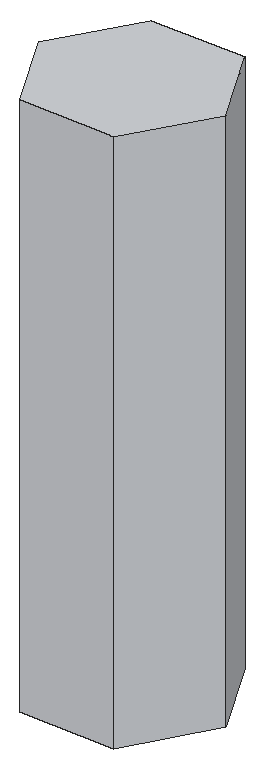
Revit family "$Player_Cat", category Generic Models, Revit 2020
Family settings
  Can host rebar = No
  Round Connector Dimension = Use Diameter
  Part Type = Normal
  Work Plane-Based = No
  Always vertical = Yes
  Cut with Voids When Loaded = No
  Shared = No
  Room Calculation Point = No
Parameters (values of type "SD")
  yes = 2 > 1  # yes
  show_standard [instance] = not(show_overweight)  # yes
  show_overweight [instance] = _property_is_overweight  # no
  no = not(yes)  # no
  mat. = none
  _property_positionID = 24
  _property_name = "Peter"
  _property_luck = 50
  _property_is_overweight = no
  _property_hold_status = ""
  _property_hold_amount = 0
  _asset_tools = ""
  _asset_skills = ""
  _asset_money = 4400
  _asset_direction = 1
  Default Elevation = 0 mm
Reference planes
  plane 1 "Center (Front/Back)": y = 0
  plane 2: z = 0
  plane 3 "Center (Left/Right)": x = 0
Forms (mm)
  Extrusion 1, solid, material <- "mat.", visible <- "show_standard"
    sketch origin (0, 0, 0) x (1, 0, 0) y (0, 1, 0)
      loop
        line (300, 0) -> (150, 259.808) -> (-150, 259.808) -> (-300, 0) -> (-150, -259.808) -> (150, -259.808) -> (300, 0)
    from 0 to 1750
  Extrusion 2, solid, material <- "mat.", visible <- "show_overweight"
    sketch origin (0, 0, 0) x (1, 0, 0) y (0, 1, 0)
      loop
        line (500, 0) -> (250, 433.013) -> (-250, 433.013) -> (-500, 0) -> (-250, -433.013) -> (250, -433.013) -> (500, 0)
    from 0 to 1300
Dimensions and locks
  aligned and locked: plane 2 to level
  aligned and locked: plane 1 "Center (Front/Back)" to nested 1
  aligned and locked: plane 3 "Center (Left/Right)" to nested 1
Nested families
  nested 1: "NAME_SYMBOL" at (0, 0, 0), _property_name <- "_property_name", _property_positionID <- "_property_positionID", type "NAME_SYMBOL"
    with _property_positionID 24, _property_name "Peter"
Definition of nested family "NAME_SYMBOL"
  Parameters (values of type "NAME_SYMBOL")
    _property_positionID [instance] = 0
    _property_name [instance] = ""
  Reference planes
    plane 1: y = 0
    plane 2: x = 0
  Lines and regions (mm)
    detail lines
      curve 1: line (-15, -5, 0) -> (15, -5, 0)
      curve 2: line (-15, 5, 0) -> (-15, -5, 0)
      curve 3: line (15, 5, 0) -> (-15, 5, 0)
      curve 4: line (15, -5, 0) -> (15, 5, 0)
  Text (mm)
    label "A\npositionID = _property_positionID" at (0.077, 0.299, 0), shows "_property_name", "_property_positionID"
